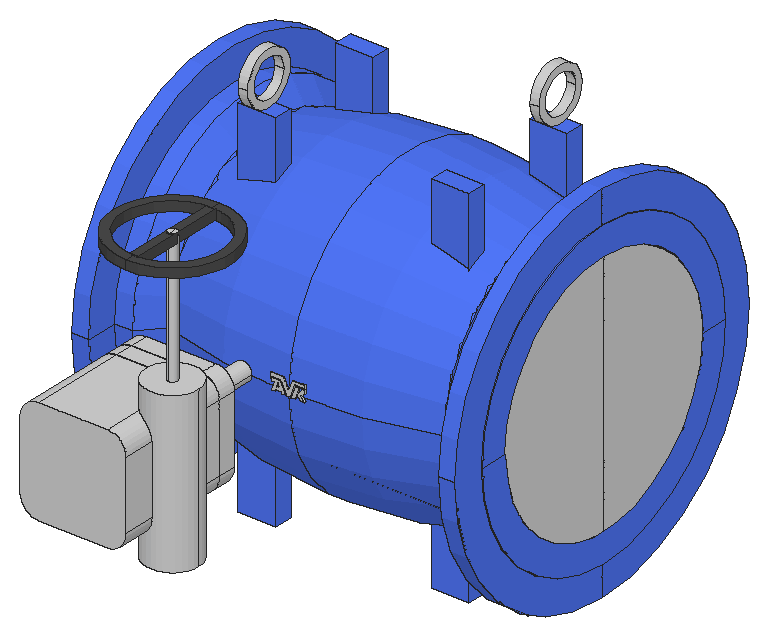
Revit family "872-00-002-DN80-900", category Pipe Accessories, Revit 2019
Family settings
  Round Connector Dimension = Use Diameter
  Part Type = Valve - Breaks Into
  Work Plane-Based = No
  Always vertical = Yes
  Cut with Voids When Loaded = No
  Shared = No
Parameters (values of type "DN0350_PN25")
  W = size_lookup(Search_Table, "W", 0 mm, DN)  # 770 mm
  Search_Table = "872-00-002-DN80-900"
  Ring_Dia_2 = Ring_Dia - 20 mm  # 55 mm
  Ring_Dia = (H3 - H3_ref)  # 75 mm
  Rf_Dia = size_lookup(Search_Table, "Rf_Dia", 0 mm, DN)  # 215 mm
  RF_Thick = 3 mm  # constant formula
  L2 = L / 4  # 137.5 mm
  L1 = L / 2 - Flange_thickness  # 248.5 mm
  L = size_lookup(Search_Table, "L", 0 mm, DN)  # 550 mm
  ID_ref_3 = ID_ref * 1.5  # 225 mm
  ID_ref_4 = ID_ref_2  # 75 mm
  ID_ref_2 = ID_ref / 2  # 75 mm
  ID_ref = size_lookup(Search_Table, "ID_ref", 0 mm, DN)  # 150 mm
  ID = DN / 2  # 175 mm
  H3_ref = size_lookup(Search_Table, "H3", 0 mm, DN) - ID_ref_4  # 520 mm
  H3 = size_lookup(Search_Table, "H3", 0 mm, DN)  # 595 mm
  Flange_thickness_ref_2 = Flange_thickness_ref / 2  # 6.625 mm
  Flange_thickness_ref = Flange_thickness / 2  # 13.25 mm
  Flange_thickness = size_lookup(Search_Table, "Flange_thickness", 0 mm, DN)  # 26.5 mm
  DN = 350 mm
  Fillet_thickness = if(DN > 199 mm, Flange_thickness, if(DN > 49 mm, Flange_thickness / 2, Flange_thickness / 2))  # 26.5 mm
  FOD_ref_2 = FOD / 3  # 86.667 mm
  FOD_ref = ID + Body_wallthickness  # 185 mm
  FOD = size_lookup(Search_Table, "FOD", 0 mm, DN) / 2  # 260 mm
  URL product pages = "https://www.avkvalves.com/P.aspx?no=87200800070900100100"
  Description_ = "AVK NEEDLE VALVE"
  DN900_PN25 = "872-0900-00-70100100000"
  DN800_PN25 = "872-0800-00-70100100000"
  DN600_PN25 = "872-0600-00-70100100000"
  DN500_PN25 = "872-0500-00-70100100000"
  DN450_PN25 = "872-0450-00-70100100000"
  DN400_PN25 = "872-0400-00-70100100000"
  DN350_PN25 = "872-0350-00-70100100000"
  DN300_PN25 = "872-0300-00-70100100000"
  DN250_PN25 = "872-0250-00-70100100000"
  DN200_PN25 = "872-0200-00-70100100000"
  DN150_PN25 = "872-0150-00-70900100100"
  DN100_PN25 = "872-0100-00-70900100100"
  DN080_PN25 = "872-0080-00-70900100100"
  D = size_lookup(Search_Table, "D", 0 mm, DN)  # 205 mm
  Body_wallthickness = 10 mm  # constant formula
  B = size_lookup(Search_Table, "B", 0 mm, DN)  # 300 mm
  A_ref = (FOD + A + W) / 2  # 687.5 mm
  A = size_lookup(Search_Table, "A", 0 mm, DN)  # 345 mm
  (A_ref+W)/2 = (A_ref + W) / 2  # 728.75 mm
Types (14, lengths in mm): name | W | Ring_Dia_2 | Ring_Dia | Rf_Dia | L2 | L1 | L | ID_ref_3 | ID_ref_4 | ID_ref_2 | ID_ref | ID | H3_ref | H3 | Flange_thickness_ref_2 | Flange_thickness_ref | Flange_thickness | DN | Fillet_thickness | FOD_ref_2 | FOD_ref | FOD | D | B | A_ref | A | (A_ref+W)/2
  (no name) | 770 | 55 | 75 | 215 | 137.5 | 248.5 | 550 | 225 | 75 | 75 | 150 | 175 | 520 | 595 | 6.625 | 13.25 | 26.5 | 350 | 26.5 | 86.667 | 185 | 260 | 205 | 300 | 687.5 | 345 | 728.75
  DN0080_PN25 | 330 | 15 | 35 | 66 | 65 | 111 | 260 | 105 | 35 | 35 | 70 | 40 | 195 | 230 | 4.75 | 9.5 | 19 | 80 | 9.5 | 31.667 | 50 | 95 | 100 | 117 | 275 | 125 | 302.5
  DN0100_PN25 | 370 | 15 | 35 | 78 | 75 | 131 | 300 | 105 | 35 | 35 | 70 | 50 | 200 | 235 | 4.75 | 9.5 | 19 | 100 | 9.5 | 33.333 | 60 | 100 | 120 | 117 | 307.5 | 145 | 338.75
  DN0150_PN25 | 435 | 15 | 35 | 106 | 87.5 | 156 | 350 | 105 | 35 | 35 | 70 | 75 | 265 | 300 | 4.75 | 9.5 | 19 | 150 | 9.5 | 43.333 | 85 | 130 | 135 | 150 | 370 | 175 | 402.5
  DN0200_PN25 | 510 | 25 | 45 | 133 | 100 | 180 | 400 | 135 | 45 | 45 | 90 | 100 | 380 | 425 | 5 | 10 | 20 | 200 | 20 | 56.667 | 110 | 170 | 150 | 150 | 450 | 220 | 480
  DN0250_PN25 | 580 | 40 | 60 | 160 | 112.5 | 203 | 450 | 180 | 60 | 60 | 120 | 125 | 415 | 475 | 5.5 | 11 | 22 | 250 | 22 | 66.667 | 135 | 200 | 165 | 150 | 520 | 260 | 550
  DN0300_PN25 | 695 | 45 | 65 | 185 | 125 | 225.5 | 500 | 195 | 65 | 65 | 130 | 150 | 470 | 535 | 6.125 | 12.25 | 24.5 | 300 | 24.5 | 75.833 | 160 | 227.5 | 185 | 284 | 613.75 | 305 | 654.375
  DN0350_PN25 | 770 | 55 | 75 | 215 | 137.5 | 248.5 | 550 | 225 | 75 | 75 | 150 | 175 | 520 | 595 | 6.625 | 13.25 | 26.5 | 350 | 26.5 | 86.667 | 185 | 260 | 205 | 300 | 687.5 | 345 | 728.75
  DN0400_PN25 | 845 | 55 | 75 | 240 | 150 | 272 | 600 | 225 | 75 | 75 | 150 | 200 | 585 | 660 | 7 | 14 | 28 | 400 | 28 | 96.667 | 210 | 290 | 235 | 300 | 760 | 385 | 802.5
  DN0450_PN25 | 900 | 55 | 75 | 274 | 162.5 | 295 | 650 | 225 | 75 | 75 | 150 | 225 | 670 | 745 | 7.5 | 15 | 30 | 450 | 30 | 106.667 | 235 | 320 | 240 | 305 | 817.5 | 415 | 858.75
  DN0500_PN25 | 960 | 55 | 75 | 291 | 175 | 318.5 | 700 | 225 | 75 | 75 | 150 | 250 | 710 | 785 | 7.875 | 15.75 | 31.5 | 500 | 31.5 | 119.167 | 260 | 357.5 | 245 | 305 | 881.25 | 445 | 920.625
  DN0600_PN25 | 1078 | 60 | 80 | 360 | 200 | 364 | 800 | 240 | 80 | 80 | 160 | 300 | 845 | 925 | 9 | 18 | 36 | 600 | 36 | 140 | 310 | 420 | 280 | 305 | 1001.5 | 505 | 1039.75
  DN0800_PN25 | 1370 | 60 | 80 | 450 | 250 | 460 | 1000 | 240 | 80 | 80 | 160 | 400 | 1100 | 1180 | 10 | 20 | 40 | 800 | 40 | 169.167 | 410 | 507.5 | 360 | 510 | 1263.75 | 650 | 1316.875
  DN0900_PN25 | 1530 | 65 | 85 | 500 | 300 | 560 | 1200 | 255 | 85 | 85 | 170 | 450 | 1265 | 1350 | 10 | 20 | 40 | 900 | 40 | 185.833 | 460 | 557.5 | 385 | 510 | 1401.25 | 715 | 1465.625
Reference planes
  plane 1 "Center (Front/Back)": y = 0
  plane 2: z = 0
  plane 3 "Center (Left/Right)": x = 0
  plane 4: y = 215
  plane 5: y = 185
  plane 6: x = -248.5
  plane 7: x = -222
  plane 8: x = -195.5
  plane 9: x = 248.5
  plane 10: x = 222
  plane 11: x = 195.5
  plane 12: z = 260
  plane 13: z = -260
  plane 14: x = -137.5
  plane 15: x = 137.5
  plane 16: y = 260
  plane 17: y = -260
  plane 18: y = 86.667
  plane 19: y = -86.667
  plane 20: y = -510
  plane 21: y = -345
  plane 22: x = -275
  plane 23: x = 275
  plane 24: x = -70
  plane 25: z = 75
  plane 26: x = 5
  plane 27: z = -75
  plane 28: x = -145
  plane 29: x = -118.5
  plane 30: z = 48.5
  plane 31: x = -21.5
  plane 32: z = 48.5
  plane 33: z = -48.5
  plane 34: x = -118.5
  plane 35: x = -21.5
  plane 36: z = -48.5
  plane 37: x = -145
  plane 38: x = 5
  plane 39: y = -192.875
  plane 40: y = -1141.875
  plane 41: x = 275
  plane 42: y = -427.5
  plane 43: z = 112.5
  plane 44: z = -112.5
  plane 45: z = 300
  plane 46: x = -26.25
  plane 47: x = 21.25
  plane 48: y = -420.875
  plane 49: y = -434.125
  plane 50: y = -358.25
  plane 51: y = -496.75
  plane 52: y = -345
  plane 53: z = 335
  plane 54: z = 297.5
  plane 55: z = 297.5
  plane 56: z = -260
  plane 57: x = -130.875
  plane 58: x = -144.125
  plane 59: x = 130.875
  plane 60: x = 144.125
Forms (mm)
  Revolve 1, solid, material "Plastic"
    sketch origin (0, 0, 0) x (1, 0, 0) y (0, 1, 0)
      loop
        line (-248.5, 260) -> (-275, 260) -> (-275, 175) -> (275, 175) -> (275, 260) -> (248.5, 260) -> (248.5, 185) -> (-248.5, 185) -> (-248.5, 260)
      axis (275, 0) -> (-275, 0)
    angle from 0 to 360
  Revolve 2, solid, material "Plastic"
    sketch origin (0, 0, 0) x (1, 0, 0) y (0, 1, 0)
      loop
        line (-248.5, 185) -> (-195.5, 185) -> (-222, 215) -> (-248.5, 215) -> (-248.5, 185)
      loop
        line (248.5, 185) -> (248.5, 215) -> (222, 215) -> (195.5, 185) -> (248.5, 185)
      axis (-248.5, 0) -> (248.5, 0)
    angle from 0 to 360
  Revolve 3, solid, material "Plastic"
    sketch origin (0, 0, 0) x (1, 0, 0) y (0, 1, 0)
      loop
        line (-195.5, 185) -> (195.5, 185)
        arc (195.5, 185) -> (98.908, 207.544) -> (0, 215) r 644.544
        arc (0, 215) -> (-98.908, 207.544) -> (-195.5, 185) r 644.544
      axis (-195.5, 0) -> (195.5, 0)
    angle from 0 to 360
  Extrusion 4, solid, material "Plastic"
    sketch origin (0, 0, 0) x (1, 0, 0) y (0, 1, 0)
      loop
        line (-164, 99.917) -> (-164, 73.417) -> (-111, 73.417) -> (-111, 99.917) -> (-164, 99.917)
      loop
        line (111, 99.917) -> (111, 73.417) -> (164, 73.417) -> (164, 99.917) -> (111, 99.917)
      loop
        line (-164, -73.417) -> (-164, -99.917) -> (-111, -99.917) -> (-111, -73.417) -> (-164, -73.417)
      loop
        line (111, -73.417) -> (111, -99.917) -> (164, -99.917) -> (164, -73.417) -> (111, -73.417)
    from -260 to 260
  Extrusion 5, solid, material "Stainless Steel AISI 304"
    sketch origin (0, 0, 0) x (1, 0, 0) y (0, 0, 1)
      loop
        circle (-70, 0) r 13.25
    from 0 to 345
  Extrusion 6, solid, material "Stainless Steel AISI 304"
    sketch origin (0, 0, 0) x (1, 0, 0) y (0, 0, 1)
      loop
        arc (-118.5, 75) -> (-137.238, 67.238) -> (-145, 48.5) r 26.5
        line (-145, 48.5) -> (-145, -48.5)
        arc (-145, -48.5) -> (-137.238, -67.238) -> (-118.5, -75) r 26.5
        line (-118.5, -75) -> (-21.5, -75)
        arc (-21.5, -75) -> (-2.762, -67.238) -> (5, -48.5) r 26.5
        line (5, -48.5) -> (5, 48.5)
        arc (5, 48.5) -> (-2.762, 67.238) -> (-21.5, 75) r 26.5
        line (-21.5, 75) -> (-118.5, 75)
    from 318.5 to 345
  Extrusion 7, solid, material "Stainless Steel AISI 304"
    sketch origin (0, 0, 0) x (1, 0, 0) y (0, 0, 1)
      loop
        arc (-118.5, 75) -> (-137.238, 67.238) -> (-145, 48.5) r 26.5
        line (-145, 48.5) -> (-145, -48.5)
        arc (-145, -48.5) -> (-137.238, -67.238) -> (-118.5, -75) r 26.5
        line (-118.5, -75) -> (-21.5, -75)
        arc (-21.5, -75) -> (-2.762, -67.238) -> (5, -48.5) r 26.5
        line (5, -48.5) -> (5, 48.5)
        arc (5, 48.5) -> (-2.762, 67.238) -> (-21.5, 75) r 26.5
        line (-21.5, 75) -> (-118.5, 75)
    from 371.5 to 345
  Extrusion 8, solid, material "Stainless Steel AISI 304"
    sketch origin (0, 0, 0) x (1, 0, 0) y (0, 0, 1)
      loop
        line (-21.5, 75) -> (-118.5, 75)
        arc (-118.5, 75) -> (-137.238, 67.238) -> (-145, 48.5) r 26.5
        line (-145, 48.5) -> (-145, -48.5)
        arc (-145, -48.5) -> (-137.238, -67.238) -> (-118.5, -75) r 26.5
        line (-118.5, -75) -> (-21.5, -75)
        arc (-21.5, -75) -> (-2.762, -67.238) -> (5, -48.5) r 26.5
        line (5, -48.5) -> (5, 48.5)
        arc (5, 48.5) -> (-2.762, 67.238) -> (-21.5, 75) r 26.5
    from 371.5 to 510
  Extrusion 9, solid, material "Stainless Steel AISI 304"
    sketch origin (0, 0, 0) x (1, 0, 0) y (0, 1, 0)
      loop
        circle (5, -427.5) r 37.5
    from -112.5 to 112.5
  Revolve 10, solid, material "Stainless Steel AISI 304"
    sketch origin (5, -1524, 0) x (0, 0, -1) y (0, -1, 0)
      loop
        line (-300, -1096.5) -> (-300, -1103.125) -> (-112.5, -1103.125) -> (-112.5, -1096.5) -> (-300, -1096.5)
      axis (-300, -1096.5) -> (-112.5, -1096.5)
    angle from 0 to 360
  Revolve 11, solid, material "Stainless Steel AISI 304(1)"
    sketch origin (5, -1524, 0) x (0, 0, -1) y (0, -1, 0)
      loop
        line (-300, -1165.75) -> (-300, -1179) -> (-286.75, -1179) -> (-286.75, -1165.75) -> (-300, -1165.75)
      axis (-300, -1096.5) -> (-286.75, -1096.5)
    angle from 0 to 360
  Extrusion 12, solid, material "Stainless Steel AISI 304(1)"
    sketch origin (0, 0, 0) x (1, 0, 0) y (0, 1, 0)
      loop
        line (-1.625, -358.25) -> (-1.625, -496.75) -> (11.625, -496.75) -> (11.625, -358.25) -> (-1.625, -358.25)
    from 286.75 to 300
  Extrusion 13, solid, material "Stainless Steel AISI 304"
    sketch origin (-137.5, 75.864, 1200) x (0, 1, 0) y (0, 0, 1)
      loop
        circle (10.803, -902.5) r 37.5
      loop
        circle (10.803, -902.5) r 27.5
    from 268.375 to 281.625
  Extrusion 14, solid, material "Stainless Steel AISI 304"
    sketch origin (-137.5, 75.864, 1200) x (0, 1, 0) y (0, 0, 1)
      loop
        circle (-162.53, -902.5) r 37.5
      loop
        circle (-162.53, -902.5) r 27.5
    from -6.625 to 6.625
  Revolve 15, solid, material "Stainless Steel AISI 304"
    sketch origin (0, 0, 0) x (1, 0, 0) y (0, 0, 1)
      loop
        line (-275, 175) -> (-275, 0) -> (275, 0) -> (275, 175) -> (-275, 175)
      axis (-275, 0) -> (275, 0)
    angle from 0 to 360
  Revolve 16, void
    sketch origin (0, 0, 0) x (1, 0, 0) y (0, 0, 1)
      loop
        line (275, 260) -> (272, 260) -> (272, 215) -> (275, 215) -> (275, 260)
      loop
        line (-275, 260) -> (-275, 215) -> (-272, 215) -> (-272, 260) -> (-275, 260)
      axis (275, 0) -> (-275, 0)
    angle from 0 to 360
Cuts and joins
  Revolve 16 cuts Revolve 1
Dimensions and locks
  equal spacing: Revolve 1 sketch curve, plane 3 "Center (Left/Right)", Revolve 1 sketch curve
  "L": Revolve 1 sketch curve to Revolve 1 sketch curve
  "Flange_thickness": Revolve 1 sketch curve to Revolve 1 sketch curve  (x2)
  "Body_wallthickness": Revolve 1 sketch curve to Revolve 1 sketch curve
  "ID": plane 1 "Center (Front/Back)" to Revolve 1 sketch curve
  "Rf_Dia": plane 1 "Center (Front/Back)" to plane 4
  "FOD_ref": plane 5 to plane 1 "Center (Front/Back)"
  "L1": plane 6 to plane 3 "Center (Left/Right)"
  "Flange_thickness": plane 6 to plane 7
  "Flange_thickness": plane 7 to plane 8
  "L1": plane 3 "Center (Left/Right)" to plane 9
  "Flange_thickness": plane 10 to plane 9
  "Flange_thickness": plane 11 to plane 10
  "FOD": plane 1 "Center (Front/Back)" to Revolve 1 sketch curve
  equal spacing: plane 12, level, plane 13
  "H3_ref": plane 12 to plane 13
  equal spacing: plane 14, plane 3 "Center (Left/Right)", plane 15
  "L2": plane 14 to plane 3 "Center (Left/Right)"
  "FOD": plane 1 "Center (Front/Back)" to plane 16
  equal spacing: plane 17, plane 1 "Center (Front/Back)", plane 16
  equal spacing: plane 18, plane 1 "Center (Front/Back)", plane 19
  "FOD_ref_2": plane 18 to plane 1 "Center (Front/Back)"
  equal spacing: Extrusion 4 sketch curve, plane 18, Extrusion 4 sketch curve  (x2)
  equal spacing: Extrusion 4 sketch curve, plane 19, Extrusion 4 sketch curve  (x2)
  "Flange_thickness": Extrusion 4 sketch curve to Extrusion 4 sketch curve  (x4)
  equal spacing: Extrusion 4 sketch curve, plane 14, Extrusion 4 sketch curve  (x2)
  equal spacing: Extrusion 4 sketch curve, plane 15, Extrusion 4 sketch curve  (x2)
  "Flange_thickness": Extrusion 4 sketch curve to plane 14  (x2)
  "Flange_thickness": plane 15 to Extrusion 4 sketch curve  (x2)
  "W": plane 20 to plane 16
  "A": plane 21 to plane 1 "Center (Front/Back)"
  plane 12 to plane 13 = 520 mm
  "D": plane 22 to plane 24
  "D": plane 22 to Extrusion 5 sketch curve
  "Fillet_thickness": plane 25 to plane 32
  "Fillet_thickness": plane 36 to plane 27
  "Fillet_thickness": plane 26 to plane 35
  "Fillet_thickness": plane 34 to plane 28
  "Fillet_thickness": plane 33 to plane 27
  "Fillet_thickness": plane 25 to plane 30
  "Fillet_thickness": plane 29 to plane 28
  "Fillet_thickness": plane 31 to plane 26
  equal spacing: plane 26, plane 24, plane 28
  equal spacing: plane 25, level, plane 27
  "ID_ref": plane 26 to plane 28
  "ID_ref": plane 25 to plane 27
  "Flange_thickness": plane 21 to Extrusion 6
  "Flange_thickness": Extrusion 7 to plane 21
  equal spacing: plane 37, plane 24, plane 38
  "ID_ref": plane 37 to plane 38
  equal spacing: plane 22, plane 3 "Center (Left/Right)", plane 41
  "L": plane 22 to plane 41
  "A_ref": plane 42 to plane 16
  "A_ref": Extrusion 9 sketch curve to plane 16
  "ID_ref": plane 37 to Extrusion 9 sketch curve
  "ID_ref_3": plane 43 to plane 44
  equal spacing: plane 43, level, plane 44
  "B": plane 45 to level
  equal spacing: plane 49, plane 42, plane 48
  "Flange_thickness_ref": plane 49 to plane 48
  "Flange_thickness_ref": plane 45 to Revolve 11 sketch curve
  "Flange_thickness_ref": Revolve 11 sketch curve to Revolve 11 sketch curve
  "Flange_thickness_ref": plane 51 to plane 20
  equal spacing: plane 52, plane 42, plane 20
  "Flange_thickness_ref": plane 52 to plane 50
  equal spacing: Extrusion 12 sketch curve, plane 38, Extrusion 12 sketch curve
  "Flange_thickness_ref": Extrusion 12 sketch curve to Extrusion 12 sketch curve
  equal spacing: plane 53, plane 54, plane 12
  equal spacing: plane 53, plane 55, plane 12
  "FOD": level to plane 56
  "H3": plane 53 to plane 13
  "Flange_thickness_ref_2": plane 14 to plane 58
  "Flange_thickness_ref_2": plane 57 to plane 14
  "Flange_thickness_ref_2": plane 15 to plane 59
  "Flange_thickness_ref_2": plane 60 to plane 15
  "ID": Revolve 15 sketch curve to level
  "FOD": Revolve 16 sketch curve to level
  "Rf_Dia": Revolve 16 sketch curve to level
  "RF_Thick": cut or joined group of Revolve 1, Revolve 16 to Revolve 16 sketch curve
  "RF_Thick": Revolve 16 sketch curve to cut or joined group of Revolve 1, Revolve 16
  equal spacing: plane 53, Extrusion 14 sketch curve, plane 12  (x2)
  "FOD_ref_2": Extrusion 14 sketch curve to plane 1 "Center (Front/Back)"
  equal spacing: plane 53, Extrusion 13 sketch curve, plane 12  (x2)
  "FOD_ref_2": plane 1 "Center (Front/Back)" to Extrusion 13 sketch curve
  plane 53 to plane 13 = 595 mm
  "Flange_thickness": diameter of Extrusion 5 sketch curve
  "ID_ref_2": diameter of Extrusion 9 sketch curve
  "Ring_Dia": diameter of Extrusion 14 sketch curve
  "Ring_Dia_2": diameter of Extrusion 14 sketch curve
  "Ring_Dia": diameter of Extrusion 13 sketch curve
  "Ring_Dia_2": diameter of Extrusion 13 sketch curve
  aligned and locked: level to plane 2
  aligned and locked: plane 1 "Center (Front/Back)" to Revolve 1 sketch curve
  aligned and locked: plane 5 to Revolve 2 sketch curve  (x3)
  aligned and locked: plane 4 to Revolve 2 sketch curve  (x2)
  aligned and locked: plane 1 "Center (Front/Back)" to Revolve 2 sketch curve
  aligned and locked: Revolve 2 sketch curve to plane 6
  aligned and locked: Revolve 2 sketch curve to plane 4  (x2)
  aligned and locked: Revolve 2 sketch curve to plane 7
  aligned and locked: plane 6 to Revolve 2 sketch curve
  aligned and locked: plane 8 to Revolve 2 sketch curve
  aligned and locked: plane 10 to Revolve 2 sketch curve
  aligned and locked: plane 9 to Revolve 2 sketch curve  (x2)
  aligned and locked: Revolve 2 sketch curve to plane 5
  aligned and locked: plane 11 to Revolve 2 sketch curve
  aligned and locked: Revolve 1 sketch curve to Revolve 1 sketch curve
  aligned and locked: plane 8 to Revolve 3 sketch curve
  aligned and locked: plane 5 to Revolve 3 sketch curve  (x2)
  aligned and locked: plane 4 to Revolve 3 sketch curve
  aligned and locked: plane 11 to Revolve 3 sketch curve
  aligned and locked: plane 3 "Center (Left/Right)" to Revolve 3 sketch curve
  aligned and locked: plane 1 "Center (Front/Back)" to Revolve 3 sketch curve
  aligned and locked: plane 12 to Extrusion 4
  aligned and locked: Extrusion 4 to plane 13
  aligned and locked: Extrusion 5 to plane 21
  aligned and locked: plane 29 to Extrusion 6 sketch curve
  aligned and locked: plane 25 to Extrusion 6 sketch curve  (x2)
  aligned and locked: plane 30 to Extrusion 6 sketch curve
  aligned and locked: plane 28 to Extrusion 6 sketch curve  (x2)
  aligned and locked: plane 31 to Extrusion 6 sketch curve
  aligned and locked: plane 26 to Extrusion 6 sketch curve  (x2)
  aligned and locked: plane 32 to Extrusion 6 sketch curve
  aligned and locked: plane 36 to Extrusion 6 sketch curve
  aligned and locked: plane 27 to Extrusion 6 sketch curve  (x2)
  aligned and locked: plane 35 to Extrusion 6 sketch curve
  aligned and locked: plane 34 to Extrusion 6 sketch curve
  aligned and locked: plane 33 to Extrusion 6 sketch curve
  aligned and locked: Extrusion 6 to plane 21
  aligned and locked: Extrusion 7 sketch curve to Extrusion 6  (x4)
  aligned and locked: Extrusion 7 to plane 21
  aligned and locked: Extrusion 8 sketch curve to Extrusion 7  (x4)
  aligned and locked: Extrusion 8 to plane 20
  aligned and locked: Extrusion 8 to Extrusion 7
  aligned and locked: plane 43 to Extrusion 9
  aligned and locked: plane 44 to Extrusion 9
  aligned and locked: Revolve 10 sketch curve to plane 45
  aligned and locked: plane 42 to Revolve 10 sketch curve
  aligned and locked: plane 43 to Revolve 10 sketch curve
  aligned and locked: Revolve 10 sketch curve to plane 48
  aligned and locked: Revolve 10 sketch curve to Revolve 10 sketch curve
  aligned and locked: Revolve 10 to Revolve 11 sketch curve
  aligned and locked: Revolve 11 sketch curve to plane 21
  aligned and locked: Revolve 11 sketch curve to plane 42
  aligned and locked: plane 52 to Extrusion 6
  aligned and locked: Extrusion 12 sketch curve to plane 50
  aligned and locked: Extrusion 12 sketch curve to plane 51
  aligned and locked: plane 45 to Extrusion 12
  aligned and locked: Extrusion 12 to Revolve 11
  aligned and locked: Extrusion 14 to plane 57
  aligned and locked: plane 58 to Extrusion 14
  aligned and locked: plane 59 to Extrusion 13
  aligned and locked: Extrusion 13 to plane 60
  aligned and locked: Revolve 15 sketch curve to Revolve 1  (x3)
  aligned and locked: Revolve 15 sketch curve to Revolve 15 sketch curve
  aligned and locked: Revolve 16 sketch curve to Revolve 16 sketch curve  (x2)
  aligned and locked: Revolve 16 sketch curve to plane 41
  aligned and locked: level to Revolve 16 sketch curve
Automatic sketch dimensions
  Revolve 2 sketch curve to plane 3 "Center (Left/Right)" = 13 mm
  plane 3 "Center (Left/Right)" to Revolve 2 sketch curve = 22 mm
  Revolve 3 sketch curve to plane 3 "Center (Left/Right)" = 1.145 mm
  plane 3 "Center (Left/Right)" to Revolve 3 sketch curve = 1.145 mm
  Revolve 3 sketch curve to plane 3 "Center (Left/Right)" = 30 mm
  plane 3 "Center (Left/Right)" to Revolve 3 sketch curve = 50 mm
  Revolve 1 sketch curve to plane 3 "Center (Left/Right)" = 0 mm
  Revolve 1 sketch curve to Revolve 1 sketch curve = 0.413 mm
  Extrusion 5 sketch curve to level = 0 mm
  plane 53 to Revolve 10 sketch curve = 6.25 mm
  Revolve 10 sketch curve to plane 12 = 6.75 mm
  plane 53 to Revolve 11 sketch curve = 4.5 mm
  Revolve 11 sketch curve to plane 12 = 11.75 mm
  Extrusion 13 sketch curve to Extrusion 13 sketch curve = 0 mm
  Extrusion 14 sketch curve to Extrusion 14 sketch curve = 0 mm
  Revolve 15 sketch curve to plane 3 "Center (Left/Right)" = 0 mm
  Revolve 15 sketch curve to plane 47 = 8.75 mm
  plane 22 to Revolve 16 sketch curve = 0 mm
  plane 3 "Center (Left/Right)" to Revolve 16 sketch curve = 1.6 mm
  Revolve 16 sketch curve to plane 47 = 16.75 mm
Nested families
  nested 1: "LOGO - Copy - Copy" at (1.044, -214.47, -15.1) x (1, -0.0002, 0) z (-0.0002, -0.9975, -0.0702), type "LOGO - Copy - Copy"
Connectors
  piping at (275, 0, 0), diameter 350, driven by "DN"
    settings: on Revolve 1, index 1, connector inside diameter 609.6 mm, connector length 0 mm, flow factor 0, pipe flow 0.0 L/s, pressure drop 0.0 Pa, fitting loss kfactor 0, connector angle 0.00°, fixture units 0, engagement length 0 mm, angle of deflection 0.00°, flow configuration 0, flow direction 0, fitting loss method 0, system type 7, joint type 0, gender type 0, connector reference index -1, connector utility 0, adjustable connector no, is connector primary yes, connector description ""
  piping at (-275, 0, 0), diameter 350, driven by "DN"
    settings: on Revolve 1, index 2, connector inside diameter 609.6 mm, connector length 0 mm, flow factor 0, pipe flow 0.0 L/s, pressure drop 0.0 Pa, fitting loss kfactor 0, connector angle 0.00°, fixture units 0, engagement length 0 mm, angle of deflection 0.00°, flow configuration 0, flow direction 0, fitting loss method 0, system type 7, joint type 0, gender type 0, connector reference index -1, connector utility 0, adjustable connector no, is connector primary no, connector description ""
Definition of nested family "LOGO - Copy - Copy"
  Parameters (values of type "LOGO - Copy - Copy")
    Default Elevation = 1219.2 mm
  Reference planes
    plane 1 "Center (Front/Back)": y = 0
    plane 2: z = 0
    plane 3 "Center (Left/Right)": x = 0
  Forms (mm)
    Extrusion 1, solid
      sketch origin (0, 0, 0) x (1, 0, 0) y (0, 1, 0)
        loop
          line (-1219.2, 1219.2) -> (-1219.2, -1219.2) -> (1219.2, -1219.2) -> (1219.2, 1219.2) -> (-1219.2, 1219.2)
      from 0 to -304.8
    Extrusion 2, solid
      sketch origin (0, 0, 0) x (1, 0, 0) y (0, 1, 0)
        loop
          line (-6.514, 34.224) -> (-24, 34.224) -> (-24, 29.481) -> (-9.766, 29.481) -> (-2.391, 11.367) -> (2.391, 11.367) -> (9.766, 29.481) -> (24, 29.481) -> (24, 34.224) -> (6.514, 34.224) -> (0, 18.224) -> (-6.514, 34.224)
        loop
          line (-10.996, 27.653) -> (-24, 27.653) -> (-24, 23.081) -> (-19.503, 23.081) -> (-24, 11.367) -> (-18.92, 11.367) -> (-17.955, 13.881) -> (-10.51, 13.881) -> (-9.486, 11.367) -> (-4.365, 11.367) -> (-10.996, 27.653)
        loop
          line (-16.777, 18.224) -> (-12.278, 18.224) -> (-14.594, 23.912) -> (-16.777, 18.224)
        loop
          line (4.365, 11.367) -> (9.486, 11.367) -> (12.093, 17.77) -> (16.918, 11.367) -> (22.857, 11.367) -> (17.399, 18.61)
          arc (17.399, 18.61) -> (20.583, 20.18) -> (22.629, 23.081) r 7.2
          line (22.629, 23.081) -> (24, 23.081) -> (24, 27.653) -> (19.429, 27.653)
          arc (19.429, 27.653) -> (17.763, 23.526) -> (13.699, 21.714) r 5.943
          line (13.699, 21.714) -> (16.117, 27.653) -> (10.996, 27.653) -> (4.365, 11.367)
      from 0 to 1
  Dimensions and locks
    aligned and locked: plane 2 to Extrusion 1
    aligned and locked: level to Extrusion 1
    aligned and locked: Extrusion 2 sketch curve to import instance
